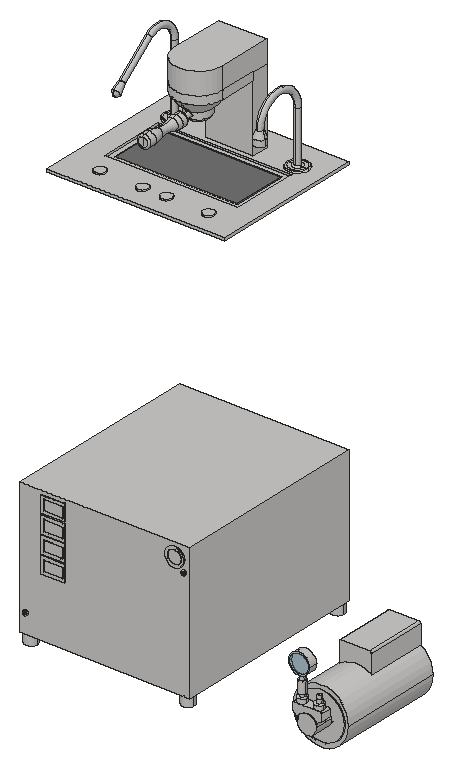
Revit family "QF_MAVAN_SINGLE GROUP", category Specialty Equipment, Revit 2016
Family settings
  Part Type = Normal
  Round Connector Dimension = Use Diameter
  Work Plane-Based = No
  Always vertical = Yes
  Cut with Voids When Loaded = No
  Shared = No
  Room Calculation Point = No
Parameters
  Weight in Pounds = 0
  Watts = if(Phase = 3, Volts * FL Amps * 1.73, Volts * FL Amps)  # 4800 W
  Waste Water Discharge Temperature = 0 °F
  Volts = 240 V
  URL Cutsheet = ""
  Specification by User = ""
  Specification by Manufacturer = ""
  Serial Number = ""
  Seismic Rating = ""
  SMACNA No = ""
  Revision Code = ""
  Plumbing Remarks = ""
  Plumbing Connection Type = ""
  Phase = 1
  Number of Poles = 1
  NAFEM Spec ID Number = ""
  Model = "SINGLE GROUP"
  Min Ckt Ampacity = 0 A
  Max Overcurrent Protection = 0 A
  Masterspec = ""
  Manufacturer = "MAVAM"
  Length = 16"
  Item Number = ""
  Installed By = ""
  Indirect Waste Size = 3/4"
  Indirect Waste Flow = 0 GPM
  Indirect Waste Connection Type = ""
  Indirect Waste Connection Height = 0"
  Identify Quantity as Lot = yes
  Height = 9"
  HP = ""
  Furnished By = ""
  Foodservice Equipment Identifier = yes
  FL Amps = 20 A
  Electrical Remarks = ""
  Electric Connection Type = ""
  Elec Conn RI Height = 0"
  Elec Conn Connection Height = 0"
  Depth = 14"
  Cycle = 60 Hz
  Conn Plug = ""
  Conn Conduit = yes
  Cold Water Temperature Recommended = 0 °F
  Cold Water Size = 1/2"
  Cold Water RI Height = 0"
  Cold Water Minimum Pressure = 0.00 psi
  Cold Water Maximum Pressure = 0.00 psi
  Cold Water Flow = 0 GPM
  Cold Water Consumption = ""
  Cold Water Connection Height = 0"
  CSI MasterFormat = ""
  Apparent Power = if(Phase = 3, Volts * FL Amps * 1.73, Volts * FL Amps)  # 4800 VA
Reference planes (in)
  plane 1 "BACK": y = 0
  plane 2: z = 0
  plane 3 "LEFT": x = 0
  plane 4 "RIGHT": x = 16
  plane 5 "FRONT": y = -14
  plane 6 "TOP": z = 9
  plane 7 "Center Y": x = 8
  plane 8 "Center X": y = -7
  plane 9: z = 0.12567
  plane 10: z = -36
Forms (in)
  Extrusion 1, solid, material "QF_Metal - Stainless - Polished"
    sketch origin (0, 0, 0) x (1, 0, 0) y (0, 1, 0)
      loop
        line (0, 0) -> (0, -14) -> (16, -14) -> (16, 0) -> (0, 0)
      loop
        line (2, -4) -> (2, -10) -> (14, -10) -> (14, -4) -> (2, -4)
    from 0 to 0.25135
  Extrusion 2, solid, material "QF_Metal - Stainless - Polished"
    sketch origin (0, 0, 0) x (0, 1, 0) y (1, 0, 0)
      loop
        line (-4, 2) -> (-4, 14) -> (-10, 14) -> (-10, 2) -> (-4, 2)
      loop
        line (-4.5, 13.5) -> (-9.5, 13.5) -> (-9.5, 2.5) -> (-4.5, 2.5) -> (-4.5, 13.5)
    from 0 to -0.12567
  Extrusion 3, solid, material "QF_Metal - Stainless - Polished"
    sketch origin (0, 0, 0) x (1, 0, 0) y (0, 1, 0)
      loop
        line (5.85531, -2) -> (5.85531, -6.94694)
        arc (5.85531, -6.94694) -> (8, -9.09163) -> (10.14469, -6.94694) r 2.14469
        line (10.14469, -6.94694) -> (10.14469, -2) -> (5.85531, -2)
    from 7.02899 to 9
  Extrusion 4, solid, material "QF_Metal - Stainless - Polished"
    sketch origin (0, 0, 0) x (1, 0, 0) y (0, 1, 0)
      loop
        line (5.85531, -2) -> (5.85531, -3.5) -> (10.14469, -3.5) -> (10.14469, -2) -> (5.85531, -2)
    from 7.02899 to 0.25135
  Revolve 5, solid, material "QF_Metal - Stainless - Polished"
    sketch origin (8, 0, 0) x (0, 1, 0) y (0, 0, 1)
      loop
        line (-7, 6.27899) -> (-9.09163, 6.27899)
        arc (-9.09163, 6.27899) -> (-8.64586, 5.66447) -> (-8.09936, 5.13751) r 4.31841
        line (-8.09936, 5.13751) -> (-8.09936, 4.5346) -> (-7.84375, 4.27899) -> (-7, 4.27899) -> (-7, 6.27899)
      axis (-7, 4.27899) -> (-7, 6.27899)
    angle from 0 to 360
  Extrusion 6, solid, material "QF_Metal - Stainless - Polished"
    sketch origin (0, 0, 0) x (1, 0, 0) y (0, 1, 0)
      loop
        arc (5.85531, -6.94694) -> (8, -9.09163) -> (10.14469, -6.94694) r 2.14469
        line (10.14469, -6.94694) -> (10.14469, -3.5) -> (5.85531, -3.5) -> (5.85531, -6.94694)
    from 7.02899 to 6.27899
  Revolve 7, solid, material "QF_Metal - Stainless - Polished"
    sketch origin (8, 0, 0) x (0, 1, 0) y (0, 0, 1)
      loop
        line (-7.90149, 5.07611) -> (-8.84936, 5.07611) -> (-8.84936, 5.30772)
        arc (-8.84936, 5.30772) -> (-8.8755, 5.37085) -> (-8.93862, 5.39699) r 0.08927
        line (-8.93862, 5.39699) -> (-9.4544, 5.39699)
        arc (-9.4544, 5.39699) -> (-9.69042, 5.3759) -> (-9.91897, 5.31329) r 1.33104
        arc (-9.91897, 5.31329) -> (-10.74658, 5.15179) -> (-11.58214, 5.26521) r 2.58527
        arc (-11.58214, 5.26521) -> (-12.01507, 5.36386) -> (-12.45786, 5.39699) r 2.97553
        line (-12.45786, 5.39699) -> (-13.06483, 5.39699)
        arc (-13.06483, 5.39699) -> (-13.15455, 5.35983) -> (-13.19172, 5.2701) r 0.12689
        line (-13.19172, 5.2701) -> (-13.19172, 4.83605) -> (-7.90149, 4.83605) -> (-7.90149, 5.07611)
      axis (-13.19172, 4.83605) -> (-7.90149, 4.83605)
    angle from 0 to 360
  Extrusion 8, solid, material "QF_Rubber - Black - Smooth"
    sketch origin (0, 0, 0.12567) x (0, 1, 0) y (-1, 0, 0)
      loop
        line (-4.5, -2.5) -> (-9.5, -2.5) -> (-9.5, -13.5) -> (-4.5, -13.5) -> (-4.5, -2.5)
    from 0 to -0.12567
  Sweep 9, solid, material "QF_Metal - Stainless - Polished"
    path origin (13.5625, 0, 0) x (0, 1, 0) y (0, 0, -1)
      loop
        line (-2.75, 0.12438) -> (-2.75, -5.12562)
        arc (-2.75, -5.12562) -> (-4.875, -7.25062) -> (-7, -5.12562) r 2.125
    profile origin (13.5625, -2.75, 2.50062) x (0, 1, 0) y (-1, 0, 0)
      loop
        circle (0, 0) r 0.25
  Revolve 10, solid, material "QF_Metal - Stainless - Polished"
    sketch origin (-10.88143, -7, 47.9375) x (-1, 0, 0) y (0, 0, 1)
      loop
        line (-24.44393, -43.99254) -> (-23.92904, -43.99254) -> (-23.92904, -43.46169) -> (-24.1965, -42.81188) -> (-24.44393, -42.81188) -> (-24.44393, -43.99254)
      axis (-24.44393, -43.99254) -> (-24.44393, -42.81188)
    angle from 0 to 360
  Revolve 11, solid, material "QF_Metal - Stainless - Polished"
    sketch origin (0, -2.75, 0.25135) x (0, 0, 1) y (1, 0, 0)
      loop
        line (0, 13.5625) -> (0, 12.59083) -> (0.07851, 12.66934)
        arc (0.07851, 12.66934) -> (0.1051, 12.70913) -> (0.11444, 12.75607) r 0.12265
        line (0.11444, 12.75607) -> (0.11444, 13.12999) -> (0.18533, 13.25279) -> (0.18533, 13.5625) -> (0, 13.5625)
      axis (0, 13.5625) -> (0.18533, 13.5625)
    angle from 0 to 360
  Sweep 12, solid, material "QF_Metal - Stainless - Polished"
    path origin (2.4375, 0, 0) x (0, 1, 0) y (0, 0, 1)
      loop
        line (-2.75, -0.12438) -> (-2.75, 6.69782)
        arc (-2.75, 6.69782) -> (-3.73285, 8.27071) -> (-5.57741, 8.07684) r 1.75
        line (-5.57741, 8.07684) -> (-8.61805, 5.70123)
    profile origin (2.4375, -2.75, 3.28672) x (0, -1, 0) y (1, 0, 0)
      loop
        circle (0, 0) r 0.25
  Revolve 13, solid, material "QF_Metal - Stainless - Polished"
    sketch origin (16, -2.75, 0.25135) x (0, 0, 1) y (1, 0, 0)
      loop
        line (0, -13.5625) -> (0.18533, -13.5625) -> (0.18533, -13.25279) -> (0.11444, -13.12999) -> (0.11444, -12.75607)
        arc (0.11444, -12.75607) -> (0.1051, -12.70913) -> (0.07851, -12.66934) r 0.12265
        line (0.07851, -12.66934) -> (0, -12.59083) -> (0, -13.5625)
      axis (0, -13.5625) -> (0.18533, -13.5625)
    angle from 0 to 360
  Revolve 14, solid, material "QF_Metal - Stainless - Polished"
    sketch origin (2.4375, -180, 5.89823) x (0, 0, 1) y (0, -1, 0)
      loop
        line (-0.90922, -170.47036) -> (-1.00327, -170.58244) -> (-1.03245, -170.9405) -> (-0.39401, -171.53586) -> (-0.197, -171.38195) -> (-0.90922, -170.47036)
      axis (-0.197, -171.38195) -> (-0.90922, -170.47036)
    angle from 0 to 360
  Extrusion 15, solid, material "QF_Metal - Stainless - Polished"
    sketch origin (0, 0, 0.25135) x (1, 0, 0) y (0, 1, 0)
      loop
        circle (3.10599, -11.95223) r 0.5
      loop
        circle (6.96283, -11.95223) r 0.5
      loop
        circle (9.09967, -11.95223) r 0.5
      loop
        circle (12.89401, -11.95223) r 0.5
    from 0 to 0.0625
  Extrusion 16, solid, material "QF_Metal - Stainless - Polished"
    sketch origin (0, 0, 0) x (1, 0, 0) y (0, 1, 0)
      loop
        circle (8, -7) r 0.25
    from 0 to -0.03558
Cuts and joins
  joined: Extrusion 1, Sweep 9, Sweep 12
Lines and regions (in)
  Split face 1
    outline origin (0, 0, 0.25135) x (1, 0, 0) y (0, 1, 0)
      loop
        line (4.34801, -11.60618) -> (4.34801, -12.26243) -> (5.69102, -12.26243) -> (5.69102, -11.60618) -> (4.34801, -11.60618)
  symbolic lines
    curve 1: line (0, 0, 0) -> (16, 0, 0)
    curve 2: line (0, -14, 0) -> (0, 0, 0)
    curve 3: line (16, -14, 0) -> (0, -14, 0)
    curve 4: line (16, 0, 0) -> (16, -14, 0)
    curve 5: line (5.85531, -2, 0) -> (5.85531, -6.94694, 0)
    curve 6: arc (5.85531, -6.94694, 0) -> (8, -9.09163, 0) -> (10.14469, -6.94694, 0) r 2.14469
    curve 7: line (10.14469, -6.94694, 0) -> (10.14469, -2, 0)
    curve 8: line (10.14469, -2, 0) -> (5.85531, -2, 0)
    curve 9: line (2, -10, 0) -> (2, -4, 0)
    curve 10: line (14, -10, 0) -> (8.45236, -10, 0)
    curve 11: line (14, -4, 0) -> (14, -6.72251, 0)
    curve 12: line (2, -4, 0) -> (2.19072, -4, 0)
    curve 13: circle (3.10599, -11.95223, 0) r 0.5 normal (0, 0, 1)
    curve 14: circle (6.96283, -11.95223, 0) r 0.5 normal (0, 0, 1)
    curve 15: circle (9.09967, -11.95223, 0) r 0.5 normal (0, 0, 1)
    curve 16: circle (12.89401, -11.95223, 0) r 0.5 normal (0, 0, 1)
    curve 17: line (5.69102, -11.60618, 0) -> (4.34801, -11.60618, 0)
    curve 18: line (4.34801, -11.60618, 0) -> (4.34801, -12.26243, 0)
    curve 19: line (4.34801, -12.26243, 0) -> (5.69102, -12.26243, 0)
    curve 20: line (5.69102, -12.26243, 0) -> (5.69102, -11.60618, 0)
    curve 21: line (7.44257, -9.01792, 0) -> (7.44257, -9.59051, 0)
    curve 22: line (7.43297, -13.06181, 0) -> (7.43297, -12.32819, 0)
    curve 23: arc (7.64046, -11.30101, 0) -> (7.51412, -11.81004, 0) -> (7.43297, -12.32819, 0) r 5.96485
    curve 24: arc (7.52348, -9.92922, 0) -> (7.5358, -9.96452, 0) -> (7.54764, -10, 0) r 2.70145
    curve 25: arc (7.52348, -9.92922, 0) -> (7.47385, -9.76205, 0) -> (7.44257, -9.59051, 0) r 1.6117
    curve 26: arc (7.54764, -10, 0) -> (7.67375, -10.64482, 0) -> (7.64046, -11.30101, 0) r 2.70145
    curve 27: line (7.54764, -10, 0) -> (2, -10, 0)
    curve 28: line (8.42745, -13.19022, 0) -> (7.56138, -13.19022, 0)
    curve 29: arc (7.56138, -13.19022, 0) -> (7.47058, -13.15261, 0) -> (7.43297, -13.06181, 0) r 0.12841
    curve 30: line (8.55743, -9.01792, 0) -> (8.55743, -9.59051, 0)
    curve 31: line (8.56703, -13.06181, 0) -> (8.56703, -12.32819, 0)
    curve 32: arc (8.35954, -11.30101, 0) -> (8.48588, -11.81004, 0) -> (8.56703, -12.32819, 0) r 5.96485
    curve 33: arc (8.47652, -9.92922, 0) -> (8.4642, -9.96452, 0) -> (8.45236, -10, 0) r 2.70145
    curve 34: arc (8.47652, -9.92922, 0) -> (8.52615, -9.76205, 0) -> (8.55743, -9.59051, 0) r 1.6117
    curve 35: arc (8.45236, -10, 0) -> (8.32625, -10.64482, 0) -> (8.35954, -11.30101, 0) r 2.70145
    curve 36: arc (8.43862, -13.19022, 0) -> (8.52942, -13.15261, 0) -> (8.56703, -13.06181, 0) r 0.12841
    curve 37: arc (13.31813, -6.54889, 0) -> (13.57062, -7.51485, 0) -> (13.80687, -6.54478, 0) r 0.51487
    curve 38: line (13.31813, -2.76001, 0) -> (13.31813, -7.00429, 0)
    curve 39: line (13.80687, -2.76001, 0) -> (13.80687, -7.00429, 0)
    curve 40: arc (13.80687, -3.68781, 0) -> (13.57364, -1.79489, 0) -> (13.31813, -3.68494, 0) r 0.96154
    curve 41: line (13.80687, -4, 0) -> (14, -4, 0)
    curve 42: arc (13.31813, -7.00429, 0) -> (13.5625, -7.24866, 0) -> (13.80687, -7.00429, 0) r 0.24437
    curve 43: arc (13.31813, -2.94028, 0) -> (13.5625, -2.44029, 0) -> (13.80687, -2.94028, 0) r 0.30971
    curve 44: arc (13.31813, -3.10187, 0) -> (13.5625, -2.31749, 0) -> (13.80687, -3.10187, 0) r 0.43026
    curve 45: line (14, -7.27749, 0) -> (14, -10, 0)
    curve 46: line (2.19072, -2.74981, 0) -> (2.19072, -4, 0)
    curve 47: line (2.04681, -9.29276, 0) -> (2.19072, -8.62821, 0)
    curve 48: arc (2.19373, -9.48168, 0) -> (2.0937, -9.40788, 0) -> (2.04681, -9.29276, 0) r 0.22953
    curve 49: arc (2.19373, -9.48168, 0) -> (2.43845, -9.53548, 0) -> (2.68303, -9.48101, 0) r 0.57984
    curve 50: line (2.82819, -9.29276, 0) -> (2.68428, -8.62821, 0)
    curve 51: arc (2.68303, -9.48101, 0) -> (2.78187, -9.40714, 0) -> (2.82819, -9.29276, 0) r 0.22953
    curve 52: line (2.68428, -2.74981, 0) -> (2.68428, -4, 0)
    curve 53: line (5.85531, -4.5, 0) -> (2.68428, -4.5, 0)
    curve 54: line (13.31813, -4.5, 0) -> (10.14469, -4.5, 0)
    curve 55: line (13.5, -9.5, 0) -> (8.55743, -9.5, 0)
    curve 56: line (13.5, -9.5, 0) -> (13.5, -7.51059, 0)
    curve 57: line (7.44257, -9.5, 0) -> (2.63738, -9.5, 0)
    curve 58: arc (3.40917, -2.75, 0) -> (2.4375, -1.77833, 0) -> (1.46583, -2.75, 0) r 0.97167
    curve 59: arc (1.46583, -2.75, 0) -> (1.6681, -3.34345, 0) -> (2.19072, -3.68981, 0) r 0.97167
    curve 60: arc (2.19072, -2.93714, 0) -> (2.4375, -2.44029, 0) -> (2.68428, -2.93714, 0) r 0.30971
    curve 61: arc (2.19072, -3.09913, 0) -> (2.4375, -2.31749, 0) -> (2.68428, -3.09913, 0) r 0.42978
    curve 62: arc (2.68428, -3.68981, 0) -> (3.2069, -3.34345, 0) -> (3.40917, -2.75, 0) r 0.97167
    curve 63: line (10.14469, -4, 0) -> (13.31813, -4, 0)
    curve 64: line (2.19072, -4, 0) -> (2.19072, -8.62821, 0)
    curve 65: line (2.68428, -4, 0) -> (2.68428, -8.62821, 0)
    curve 66: line (2.68428, -4, 0) -> (5.85531, -4, 0)
Dimensions and locks (in)
  equal spacing: plane 3 "LEFT", plane 7 "Center Y", plane 4 "RIGHT"
  "Length": plane 3 "LEFT" to plane 4 "RIGHT"
  equal spacing: plane 5 "FRONT", plane 8 "Center X", plane 1 "BACK"
  "Depth": plane 5 "FRONT" to plane 1 "BACK"
  "Height": plane 6 "TOP" to level
  locked: level to plane 10 at 36
  aligned and locked: plane 2 to level
  aligned and locked: plane 10 to nested 1
Automatic sketch dimensions
  Extrusion 1 sketch curve to plane 3 "LEFT" = 0"
  plane 1 "BACK" to Extrusion 1 sketch curve = 0"
  Extrusion 1 sketch curve to plane 4 "RIGHT" = 0"
  plane 5 "FRONT" to Extrusion 1 sketch curve = 0"
  plane 3 "LEFT" to Extrusion 1 sketch curve = 2"
  plane 4 "RIGHT" to Extrusion 1 sketch curve = 2"
  Extrusion 1 sketch curve to plane 8 "Center X" = 3"
  plane 8 "Center X" to Extrusion 1 sketch curve = 3"
  Extrusion 2 sketch curve to Extrusion 1 = 0"  (x4)
  Extrusion 2 sketch curve to Extrusion 1 = 1/2"  (x4)
  Extrusion 3 sketch curve to plane 7 "Center Y" = 0"
  plane 8 "Center X" to Extrusion 3 sketch curve = 0.05306"
  plane 1 "BACK" to Extrusion 3 sketch curve = 2"
  plane 1 "BACK" to Extrusion 4 sketch curve = 3 1/2"
  Extrusion 4 sketch curve to Extrusion 4 sketch curve = 1 1/2"
  Revolve 5 sketch curve to plane 8 "Center X" = 0"  (x2)
  Revolve 5 sketch curve to plane 8 "Center X" = 27/32"
  Revolve 5 sketch curve to Revolve 5 sketch curve = 0.25561"  (x2)
  Revolve 5 sketch curve to Revolve 5 sketch curve = 0.99227"
  Revolve 5 sketch curve to plane 6 "TOP" = 0.5024"
  plane 8 "Center X" to Revolve 5 sketch curve = 1 157/256"
  Revolve 5 sketch curve to Revolve 5 sketch curve = 0.60291"
  Revolve 5 sketch curve to Revolve 5 sketch curve = 0"
  Extrusion 6 sketch curve to plane 7 "Center Y" = 0"
  plane 8 "Center X" to Extrusion 6 sketch curve = 0.05306"
  Extrusion 6 sketch curve to Extrusion 6 sketch curve = 3.44694"
  Revolve 7 sketch curve to plane 5 "FRONT" = 0.80828"
  Revolve 7 sketch curve to Revolve 7 sketch curve = 0.12689"
  Revolve 7 sketch curve to plane 5 "FRONT" = 1.54214"
  Revolve 7 sketch curve to Revolve 7 sketch curve = 1.63658"
  Revolve 7 sketch curve to plane 8 "Center X" = 2.4544"
  Revolve 7 sketch curve to Revolve 7 sketch curve = 0.51578"
  Revolve 7 sketch curve to Revolve 7 sketch curve = 0.08927"
  Revolve 7 sketch curve to plane 8 "Center X" = 0.90149"
  Revolve 7 sketch curve to Revolve 7 sketch curve = 0.23161"
  Revolve 7 sketch curve to Revolve 7 sketch curve = 0.24006"
  Revolve 7 sketch curve to Revolve 7 sketch curve = 1.01016"
  plane 9 to Revolve 7 sketch curve = 2.29578"
  Revolve 7 sketch curve to Revolve 7 sketch curve = 0"  (x2)
  Revolve 7 sketch curve to Revolve 7 sketch curve = 0.19787"
  Revolve 7 sketch curve to Revolve 7 sketch curve = 0.38378"
  Extrusion 8 sketch curve to Extrusion 2 = 0"  (x3)
  Extrusion 2 to Extrusion 8 sketch curve = 0"
  profile plane to Sweep 9 sketch curve = 0"
  Sweep 9 sketch curve to profile plane = 0"
  plane 9 to Revolve 11 sketch curve = 0.11747"
  plane 9 to Revolve 11 sketch curve = 0.12567"
  Revolve 11 sketch curve to Revolve 11 sketch curve = 0.07851"  (x2)
  plane 9 to Revolve 11 sketch curve = 0.24011"
  Revolve 11 sketch curve to Revolve 11 sketch curve = 0.0709"  (x2)
  Revolve 11 sketch curve to Revolve 11 sketch curve = 0.37392"
  Revolve 11 sketch curve to Revolve 11 sketch curve = 0.1228"
  Revolve 11 sketch curve to Revolve 11 sketch curve = 0.30971"
  Revolve 11 sketch curve to Revolve 11 sketch curve = 0.14354"
  Revolve 11 sketch curve to Revolve 11 sketch curve = 0"
  Sweep 12 sketch curve to profile plane = 0"  (x2)
  plane 9 to Revolve 13 sketch curve = 0.11747"
  plane 9 to Revolve 13 sketch curve = 0.12567"
  Revolve 13 sketch curve to Revolve 13 sketch curve = 0.07851"  (x2)
  plane 9 to Revolve 13 sketch curve = 0.24011"
  Revolve 13 sketch curve to Revolve 13 sketch curve = 0.0709"  (x2)
  plane 3 "LEFT" to Revolve 13 sketch curve = 2 7/16"
  Revolve 13 sketch curve to Revolve 13 sketch curve = 0.30971"
  Revolve 13 sketch curve to Revolve 13 sketch curve = 0.1228"
  Revolve 13 sketch curve to Revolve 13 sketch curve = 0.37392"
  Revolve 13 sketch curve to Revolve 13 sketch curve = 0.14354"
  Revolve 13 sketch curve to Revolve 13 sketch curve = 0"
  plane 4 "RIGHT" to Revolve 10 sketch curve = 2 7/16"
  Revolve 10 sketch curve to Revolve 10 sketch curve = 0.51489"
  Revolve 10 sketch curve to Revolve 10 sketch curve = 0.53084"
  Revolve 10 sketch curve to Revolve 10 sketch curve = 0.64981"
  Revolve 10 sketch curve to Revolve 10 sketch curve = 0"  (x2)
  Revolve 10 sketch curve to Revolve 10 sketch curve = 0.24743"
  Revolve 10 sketch curve to Revolve 10 sketch curve = 0.42581"
  plane 9 to Revolve 14 sketch curve = 4.76929"
  Revolve 14 sketch curve to Revolve 14 sketch curve = 0.09405"
  Revolve 14 sketch curve to plane 8 "Center X" = 1.46414"
  Revolve 14 sketch curve to Revolve 14 sketch curve = 0.60926"
  Revolve 14 sketch curve to plane 8 "Center X" = 1.61805"  (x2)
  Revolve 14 sketch curve to Revolve 14 sketch curve = 0.197"
  Revolve 14 sketch curve to Revolve 14 sketch curve = 0.11209"
  Revolve 14 sketch curve to Revolve 14 sketch curve = 0.02919"
  Revolve 14 sketch curve to Revolve 14 sketch curve = 0.23926"
  Revolve 14 sketch curve to Revolve 14 sketch curve = 0"
  Revolve 14 sketch curve to Revolve 14 sketch curve = 0.30624"
  Revolve 14 sketch curve to Revolve 14 sketch curve = 0.35806"
  plane 7 "Center Y" to Extrusion 4 sketch curve = 2.14469"
  plane 4 "RIGHT" to Revolve 11 sketch curve = 3.40917"
  Extrusion 3 sketch curve to plane 7 "Center Y" = 2.14469"
  Extrusion 4 sketch curve to plane 7 "Center Y" = 2.14469"
  Extrusion 6 sketch curve to plane 7 "Center Y" = 2.14469"
  Extrusion 1 to Extrusion 15 sketch curve = 1.10599"  (x2)
  Extrusion 15 sketch curve to Extrusion 15 sketch curve = 3.85684"
  Extrusion 15 sketch curve to Extrusion 15 sketch curve = 2.13684"
  Extrusion 15 sketch curve to Extrusion 1 = 1.95223"  (x4)
  Extrusion 1 to Split face 1 sketch curve = 2.34801"
  Split face 1 sketch curve to Split face 1 sketch curve = 1.34301"
  Split face 1 sketch curve to Extrusion 1 = 1.73757"
  Split face 1 sketch curve to Split face 1 sketch curve = 21/32"
  curve 24 to curve 26 = 0"  (x2)
  curve 33 to curve 35 = 0"  (x2)
  curve 58 to curve 60 = 0"  (x2)
  curve 3 to plane 3 "LEFT" = 0"
  curve 6 to plane 7 "Center Y" = 0"
  curve 37 to plane 8 "Center X" = 0"
  curve 3 to plane 4 "RIGHT" = 0"
  plane 5 "FRONT" to curve 4 = 0"
  plane 1 "BACK" to curve 4 = 0"
  plane 3 "LEFT" to curve 12 = 2"
  curve 9 to curve 47 = 0.04681"
  curve 48 to curve 64 = 0.1439"
  curve 47 to curve 48 = 0.22808"
  curve 46 to curve 59 = 0.24678"
  curve 61 to curve 58 = 0"
  curve 48 to curve 49 = 0.16277"
  curve 48 to curve 51 = 0.32522"
  curve 32 to plane 5 "FRONT" = 1.00893"
  plane 3 "LEFT" to curve 32 = 2.63913"
  curve 49 to curve 65 = 0.24663"
  curve 51 to curve 50 = 0.22808"
  curve 32 to curve 13 = 0.46687"
  curve 13 to curve 18 = 1.24201"
  curve 17 to curve 26 = 0.63114"
  curve 24 to curve 17 = 0.71187"
  plane 8 "Center X" to curve 5 = 0.05306"
  curve 5 to plane 7 "Center Y" = 2.14469"
  curve 34 to plane 7 "Center Y" = 1.04144"
  curve 14 to plane 7 "Center Y" = 1.03717"
  curve 22 to plane 7 "Center Y" = 0.56703"
  curve 34 to curve 21 = 0.48401"
  curve 21 to curve 27 = 0.10507"
  curve 29 to curve 28 = 0.12841"
  plane 7 "Center Y" to curve 36 = 0.43862"
  plane 7 "Center Y" to curve 10 = 0.45236"
  curve 10 to curve 30 = 0.10507"
  plane 7 "Center Y" to curve 31 = 0.56703"
  curve 55 to curve 25 = 0.48401"
  curve 32 to curve 15 = 0.53264"
  curve 15 to curve 35 = 1.92118"
  curve 35 to curve 16 = 1.87315"
  curve 38 to plane 8 "Center X" = 0.00429"
  plane 4 "RIGHT" to curve 38 = 2.68187"
  curve 23 to plane 5 "FRONT" = 1.00893"
  curve 16 to curve 23 = 0.46687"
  plane 4 "RIGHT" to curve 55 = 2 1/2"
  curve 38 to curve 44 = 0.24437"
  curve 42 to curve 42 = 0.24437"
  curve 43 to curve 44 = 0"
  curve 42 to curve 37 = 0.0038"
  curve 43 to curve 40 = 0.00547"
  curve 55 to curve 45 = 1/2"
  curve 41 to curve 41 = 0.19313"
  curve 28 to plane 5 "FRONT" = 0.80978"
  curve 28 to curve 31 = 0.12841"
  curve 22 to curve 22 = 0.73362"
  curve 36 to curve 31 = 0.73362"
  curve 20 to plane 5 "FRONT" = 1.73757"
  curve 32 to curve 13 = 1.03884"
  curve 22 to curve 14 = 0.37596"
  curve 32 to curve 15 = 0.37596"
  curve 23 to curve 16 = 1.03884"
  curve 18 to curve 18 = 21/32"
  curve 16 to curve 35 = 1.11516"
  curve 17 to curve 26 = 0.76911"
  curve 10 to curve 30 = 0.98208"
  curve 13 to curve 9 = 1.95223"
  curve 27 to curve 21 = 0.40949"
  curve 10 to curve 30 = 0.40949"
  curve 10 to curve 56 = 1/2"
  curve 25 to curve 34 = 0.20293"
  curve 55 to curve 25 = 0.11241"
  curve 9 to curve 50 = 0.70724"
  curve 9 to curve 47 = 0.70724"
  curve 51 to curve 51 = 0.02578"
  curve 47 to curve 48 = 0.02578"
  curve 51 to curve 49 = 0.31134"
  curve 49 to curve 64 = 0.32743"
  curve 49 to curve 65 = 0.32743"
  plane 8 "Center X" to curve 12 = 3"
  curve 63 to curve 41 = 0"
  curve 41 to curve 40 = 1.24358"
  curve 9 to curve 59 = 1 1/4"
  curve 40 to curve 43 = 0.00642"
  curve 43 to curve 44 = 0.00225"
  curve 58 to curve 61 = 0.00274"
  plane 1 "BACK" to curve 8 = 2"
  curve 59 to curve 46 = 0.72489"
  curve 49 to curve 48 = 0.08116"
  curve 57 to curve 49 = 0.04565"
  curve 28 to curve 36 = 0.01117"
  curve 56 to curve 42 = 0.50629"
  curve 7 to curve 54 = 2.44694"
  curve 53 to curve 9 = 1/2"
  curve 41 to curve 40 = 0.31219"
  curve 44 to curve 40 = 0.34545"
  curve 61 to curve 60 = 0.34913"
  curve 44 to curve 43 = 0.16159"
  curve 61 to curve 60 = 0.16199"
  curve 43 to curve 39 = 0.18027"
  curve 43 to curve 38 = 0.18027"
  curve 60 to curve 52 = 0.18733"
  curve 60 to curve 46 = 0.18733"
  Sweep 9 sketch curve to plane 8 "Center X" = 0"
  Sweep 9 sketch curve to Sweep 9 sketch curve = 2 1/8"
  Sweep 9 sketch curve to level = 0.12438"
  plane 8 "Center X" to Sweep 12 sketch curve = 1.42259"
  Sweep 12 sketch curve to Sweep 12 sketch curve = 1.07741"
  Sweep 12 sketch curve to Sweep 12 sketch curve = 1 3/4"
  Sweep 12 sketch curve to plane 8 "Center X" = 1.61805"
  Sweep 12 sketch curve to level = 0.12438"
  curve 54 to curve 11 = 1/2"
  curve 58 to curve 62 = 0"
  curve 59 to curve 62 = 0"
  curve 52 to curve 62 = 0.31019"
  Extrusion 16 sketch curve to plane 7 "Center Y" = 0"
  Extrusion 16 sketch curve to plane 8 "Center X" = 0"
  Revolve 5 sketch curve to Revolve 5 sketch curve = 0.64299"
  Revolve 7 sketch curve to Revolve 7 sketch curve = 1.6445"
  Revolve 7 sketch curve to Revolve 7 sketch curve = 0.43405"
  plane 9 to Revolve 10 sketch curve = 3.81929"
  Revolve 5 sketch curve to plane 6 "TOP" = 2.72101"
  Revolve 7 sketch curve to plane 6 "TOP" = 1.26402"
  Sweep 9 sketch curve to plane 6 "TOP" = 3.87438"
  Sweep 12 sketch curve to plane 6 "TOP" = 2.30218"
  Sweep 12 sketch curve to plane 6 "TOP" = 3.29877"
  radius of Sweep 9 sketch curve = 1/4"
  radius of Sweep 12 sketch curve = 1/4"
  radius of Extrusion 15 sketch curve = 1/2"  (x4)
  radius of curve 13 = 1/2"
  radius of curve 14 = 1/2"
  radius of curve 15 = 1/2"
  radius of curve 16 = 1/2"
  radius of Extrusion 16 sketch curve = 1/4"
Nested families (in)
  nested 1: "BOILET UNIT" at (0, 0, -36), type "BOILET UNIT"
  nested 2: "PUMP" at (24.11615, -7, -36), type "PUMP"
Connectors (in)
  piping at (13.5625, -2.75, -0.12438), diameter 0.5, driven by "Cold Water Size"
    settings: on cut or joined group of Extrusion 1, Sweep 9, Sweep 12, index 1, connector inside diameter 24", connector length 0", flow factor 0, pipe flow 0 GPM, pressure drop 0.00 psi, fitting loss kfactor 0, connector angle 0.00°, fixture units 0, engagement length 0", angle of deflection 0.00°, flow configuration 0, flow direction 0, fitting loss method 0, system type 7, joint type 0, gender type 0, connector reference index -1, connector utility 0, adjustable connector no, is connector primary yes, connector description "COLD WATER CONNECTION"
  piping at (2.4375, -2.75, -0.12438), diameter 0.5, driven by "Cold Water Size"
    settings: on cut or joined group of Extrusion 1, Sweep 9, Sweep 12, index 2, connector inside diameter 24", connector length 0", flow factor 0, pipe flow 0 GPM, pressure drop 0.00 psi, fitting loss kfactor 0, connector angle 0.00°, fixture units 0, engagement length 0", angle of deflection 0.00°, flow configuration 1, flow direction 1, fitting loss method 0, system type 20, joint type 0, gender type 0, connector reference index -1, connector utility 0, adjustable connector no, is connector primary no, connector description "COLD WATER CONNECTION"
  piping at (8, -7, -0.03558), diameter 0.75, driven by "Indirect Waste Size"
    settings: on Extrusion 16, index 3, connector inside diameter 24", connector length 0", flow factor 0, pipe flow 0 GPM, pressure drop 0.00 psi, fitting loss kfactor 0, connector angle 0.00°, fixture units 0, engagement length 0", angle of deflection 0.00°, flow configuration 1, flow direction 2, fitting loss method 0, system type 16, joint type 0, gender type 0, connector reference index -1, connector utility 0, adjustable connector no, is connector primary no, connector description "DRAIN"
  electrical at (14.70194, -18.0625, -24.17148)
    settings: on nested 1, index 4, voltage 0 V, apparent load 0 VA, apparent load phase1 0 VA, apparent load phase2 0 VA, apparent load phase3 0 VA, power factor 1, load classification "Other", number of poles 1, system type 31, power factor state 1, is connector primary yes, connector utility no, sub classification motor no, connector description ""
Definition of nested family "BOILET UNIT"
  Parameters (values of type "BOILET UNIT")
    Weight in Pounds = 0
    URL Cutsheet = ""
    Specification by User = ""
    Specification by Manufacturer = ""
    Serial Number = ""
    Seismic Rating = ""
    SMACNA No = ""
    Revision Code = ""
    NAFEM Spec ID Number = ""
    Model = ""
    Masterspec = ""
    Manufacturer = ""
    Length = 16"
    Item Number = ""
    Installed By = ""
    Identify Quantity as Lot = yes
    Height = 13"
    Furnished By = ""
    Foodservice Equipment Identifier = yes
    Depth = 18"
    CSI MasterFormat = ""
  Reference planes (in)
    plane 1 "BACK": y = 0
    plane 2: z = 0
    plane 3 "LEFT": x = 0
    plane 4 "RIGHT": x = 16
    plane 5 "FRONT": y = -18
    plane 6 "TOP": z = 13
    plane 7 "Center Y": x = 8
    plane 8 "Center X": y = -9
  Forms (in)
    Extrusion 1, solid
      sketch origin (0, 0, 0) x (1, 0, 0) y (0, 0, 1)
        loop
          line (0.75, 13) -> (0.75, 0.85069) -> (16, 0.85069) -> (16, 13) -> (0.75, 13)
      from 0 to 18
    Extrusion 2, solid
      sketch origin (0, -18, 0) x (1, 0, 0) y (0, 0, 1)
        loop
          line (2.68282, 12.66748) -> (2.68282, 11.16748) -> (4.81494, 11.16748) -> (4.81494, 12.66748) -> (2.68282, 12.66748)
        loop
          line (2.68282, 11.01988) -> (2.68282, 9.51988) -> (4.81494, 9.51988) -> (4.81494, 11.01988) -> (2.68282, 11.01988)
        loop
          line (2.68282, 9.38895) -> (2.68282, 7.88895) -> (4.81494, 7.88895) -> (4.81494, 9.38895) -> (2.68282, 9.38895)
        loop
          line (2.68282, 7.75803) -> (2.68282, 6.25803) -> (4.81494, 6.25803) -> (4.81494, 7.75803) -> (2.68282, 7.75803)
        loop
          line (2.94856, 12.40515) -> (2.94856, 11.40515) -> (4.60548, 11.40515) -> (4.60548, 12.40515) -> (2.94856, 12.40515)
        loop
          line (2.94856, 10.75755) -> (2.94856, 9.75755) -> (4.60548, 9.75755) -> (4.60548, 10.75755) -> (2.94856, 10.75755)
        loop
          line (2.94856, 9.12662) -> (2.94856, 8.12662) -> (4.60548, 8.12662) -> (4.60548, 9.12662) -> (2.94856, 9.12662)
        loop
          line (2.94856, 7.4957) -> (2.94856, 6.4957) -> (4.60548, 6.4957) -> (4.60548, 7.4957) -> (2.94856, 7.4957)
        loop
          circle (14.70194, 11.82852) r 0.85825
        loop
          circle (14.70194, 11.82852) r 0.62589
        loop
          circle (15.50855, 10.82753) r 0.19307
        loop
          circle (15.50855, 10.82753) r 0.10709
        loop
          circle (1.22987, 2.60368) r 0.20806
        loop
          circle (1.22987, 2.60368) r 0.10925
      from 0 to 0.0625
    Extrusion 3, solid
      sketch origin (0, -18, 0) x (1, 0, 0) y (0, 0, 1)
        loop
          line (2.94856, 12.40515) -> (2.94856, 11.40515) -> (4.60548, 11.40515) -> (4.60548, 12.40515) -> (2.94856, 12.40515)
        loop
          line (2.94856, 10.75755) -> (2.94856, 9.75755) -> (4.60548, 9.75755) -> (4.60548, 10.75755) -> (2.94856, 10.75755)
        loop
          line (2.94856, 9.12662) -> (2.94856, 8.12662) -> (4.60548, 8.12662) -> (4.60548, 9.12662) -> (2.94856, 9.12662)
        loop
          line (2.94856, 7.4957) -> (2.94856, 6.4957) -> (4.60548, 6.4957) -> (4.60548, 7.4957) -> (2.94856, 7.4957)
        loop
          circle (15.50855, 10.82753) r 0.10709
        loop
          circle (14.70194, 11.82852) r 0.62589
        loop
          circle (1.22987, 2.60368) r 0.10925
      from 0 to 0.0625
    Revolve 4, solid
      sketch origin (-10.88143, -9, 48) x (-1, 0, 0) y (0, 0, 1)
        loop
          line (-11.63143, -44.53356) -> (-11.63143, -45.40323) -> (-11.38143, -45.40323) -> (-11.38143, -44.6975)
          arc (-11.38143, -44.6975) -> (-11.42944, -44.58158) -> (-11.54536, -44.53356) r 0.16393
          line (-11.54536, -44.53356) -> (-11.63143, -44.53356)
        axis (-11.38143, -45.40323) -> (-11.63143, -45.40323)
      angle from 0 to 360
    Extrusion 5, solid
      sketch origin (0.75, 0, 0.85069) x (0, 0, 1) y (0, 1, 0)
        loop
          line (2.25, -8.84898) -> (1.22113, -8.84898) -> (1.22113, -9.15102) -> (2.25, -9.15102) -> (2.25, -8.84898)
      from 0.24677 to 0.75
    Revolve 6, solid
      sketch origin (0, -0.55496, 0) x (1, 0, 0) y (0, 0, 1)
        loop
          line (1.30496, 0.85069) -> (0.75, 0.85069) -> (0.75, 0) -> (1.30496, 0) -> (1.30496, 0.85069)
        axis (1.30496, 0) -> (1.30496, 0.85069)
      angle from 0 to 360
    Revolve 7, solid
      sketch origin (16.75, -0.55496, 0) x (-1, 0, 0) y (0, 0, 1)
        loop
          line (1.30496, 0.85069) -> (0.75, 0.85069) -> (0.75, 0) -> (1.30496, 0) -> (1.30496, 0.85069)
        axis (1.30496, 0) -> (1.30496, 0.85069)
      angle from 0 to 360
    Revolve 8, solid
      sketch origin (0, -17.44504, 0) x (1, 0, 0) y (0, 0, -1)
        loop
          line (1.30496, -0.85069) -> (1.30496, 0) -> (0.75, 0) -> (0.75, -0.85069) -> (1.30496, -0.85069)
        axis (1.30496, 0) -> (1.30496, -0.85069)
      angle from 0 to 360
    Revolve 9, solid
      sketch origin (16.75, -17.44504, 0) x (-1, 0, 0) y (0, 0, 1)
        loop
          line (1.30496, 0.85069) -> (0.75, 0.85069) -> (0.75, 0) -> (1.30496, 0) -> (1.30496, 0.85069)
        axis (1.30496, 0) -> (1.30496, 0.85069)
      angle from 0 to 360
    Extrusion 10, solid, detail levels coarse
      sketch origin (0, 0, 0) x (1, 0, 0) y (0, 0, 1)
        loop
          line (26, 23) -> (-10, 23) -> (-10, 0) -> (0, 0) -> (0, 13) -> (16, 13) -> (16, 0) -> (26, 0) -> (26, 23)
      from 0 to 18
  Lines and regions (in)
    symbolic lines
      curve 1: line (0.75, 0, 0) -> (16, 0, 0)
      curve 2: line (0.75, -18, 0) -> (0.75, 0, 0)
      curve 3: line (16, -18, 0) -> (0.75, -18, 0)
      curve 4: line (16, 0, 0) -> (16, -18, 0)
      curve 5: line (0.50323, -8.84898, 0) -> (0, -8.84898, 0)
      curve 6: line (0.50323, -9.7053, 0) -> (0.50323, -8.2947, 0)
      curve 7: line (0, -9.15102, 0) -> (0.50323, -9.15102, 0)
      curve 8: line (0, -8.84898, 0) -> (0, -9.15102, 0)
      curve 9: arc (0.65856, -8.1274, 0) -> (0.54805, -8.18055, 0) -> (0.50323, -8.2947, 0) r 0.16776
      curve 10: line (0.65856, -8.1274, 0) -> (0.75, -8.1274, 0)
      curve 11: arc (0.65856, -9.8726, 0) -> (0.54805, -9.81945, 0) -> (0.50323, -9.7053, 0) r 0.16776
      curve 12: line (0.65856, -9.8726, 0) -> (0.75, -9.8726, 0)
  Dimensions and locks (in)
    equal spacing: plane 3 "LEFT", plane 7 "Center Y", plane 4 "RIGHT"
    "Length": plane 3 "LEFT" to plane 4 "RIGHT"
    equal spacing: plane 5 "FRONT", plane 8 "Center X", plane 1 "BACK"
    "Depth": plane 5 "FRONT" to plane 1 "BACK"
    "Height": plane 6 "TOP" to level
    aligned and locked: plane 2 to level
  Automatic sketch dimensions
    Extrusion 1 sketch curve to plane 6 "TOP" = 0"
    plane 4 "RIGHT" to Extrusion 1 sketch curve = 0"
    plane 3 "LEFT" to Extrusion 1 sketch curve = 3/4"
    level to Extrusion 1 sketch curve = 0.85069"
    Extrusion 2 sketch curve to Extrusion 2 sketch curve = 0"  (x12)
    Extrusion 2 sketch curve to Extrusion 1 = 0.47987"
    Extrusion 2 sketch curve to Extrusion 1 = 1.93282"  (x2)
    Extrusion 2 sketch curve to Extrusion 2 sketch curve = 0.26574"  (x4)
    Extrusion 2 sketch curve to Extrusion 2 sketch curve = 1.65692"  (x2)
    Extrusion 2 sketch curve to Extrusion 2 sketch curve = 0.20947"  (x2)
    Extrusion 2 sketch curve to Extrusion 1 = 1.29806"
    Extrusion 2 sketch curve to Extrusion 1 = 0.49145"
    Extrusion 2 sketch curve to Extrusion 1 = 1.75299"
    Extrusion 2 sketch curve to Extrusion 2 sketch curve = 3.65434"
    Extrusion 2 sketch curve to Extrusion 2 sketch curve = 0.23767"  (x4)
    Extrusion 2 sketch curve to Extrusion 2 sketch curve = 1"  (x3)
    Extrusion 2 sketch curve to Extrusion 2 sketch curve = 0.26233"  (x3)
    Extrusion 2 sketch curve to Extrusion 2 sketch curve = 0.13093"  (x2)
    Extrusion 2 sketch curve to Extrusion 1 = 2.17247"
    Extrusion 2 sketch curve to Extrusion 2 sketch curve = 0.14759"
    Extrusion 2 sketch curve to Extrusion 1 = 1.17148"
    Extrusion 2 sketch curve to Extrusion 1 = 0.59485"
    Extrusion 2 sketch curve to Extrusion 1 = 0.33252"
    Extrusion 3 sketch curve to Extrusion 1 = 0.47987"
    Extrusion 3 sketch curve to Extrusion 1 = 2.19856"  (x2)
    Extrusion 3 sketch curve to Extrusion 3 sketch curve = 0"  (x5)
    Extrusion 3 sketch curve to Extrusion 3 sketch curve = 1.65692"
    Extrusion 3 sketch curve to Extrusion 1 = 1.29806"
    Extrusion 3 sketch curve to Extrusion 1 = 0.49145"
    Extrusion 3 sketch curve to Extrusion 1 = 1.75299"
    Extrusion 3 sketch curve to Extrusion 3 sketch curve = 3.89201"
    Extrusion 3 sketch curve to Extrusion 3 sketch curve = 1"  (x3)
    Extrusion 3 sketch curve to Extrusion 3 sketch curve = 0.63093"  (x2)
    Extrusion 3 sketch curve to Extrusion 1 = 2.17247"
    Extrusion 3 sketch curve to Extrusion 3 sketch curve = 0.64759"
    Extrusion 3 sketch curve to Extrusion 1 = 1.17148"
    Extrusion 3 sketch curve to Extrusion 1 = 0.59485"
    plane 3 "LEFT" to Revolve 4 sketch curve = 3/4"
    Revolve 4 sketch curve to Revolve 4 sketch curve = 0.08607"
    Revolve 4 sketch curve to Revolve 4 sketch curve = 0.16393"
    level to Revolve 4 sketch curve = 2.59677"
    Revolve 4 sketch curve to Revolve 4 sketch curve = 0.70573"
    Revolve 4 sketch curve to Revolve 4 sketch curve = 0"  (x2)
    Revolve 4 sketch curve to Revolve 4 sketch curve = 0.15694"
    Extrusion 5 sketch curve to Extrusion 1 = 1.22113"
    Extrusion 5 sketch curve to Extrusion 5 sketch curve = 1.02887"
    Extrusion 1 to Extrusion 5 sketch curve = 8.84898"
    Extrusion 5 sketch curve to Extrusion 5 sketch curve = 0.30205"
    Revolve 6 sketch curve to level = 0"
    plane 3 "LEFT" to Revolve 6 sketch curve = 3/4"
    Revolve 6 sketch curve to Revolve 6 sketch curve = 0.55496"
    level to Revolve 6 sketch curve = 0.85069"
    Revolve 6 sketch curve to Revolve 6 sketch curve = 0"  (x2)
    Revolve 6 sketch curve to Revolve 6 sketch curve = 1/4"
    plane 4 "RIGHT" to Revolve 7 sketch curve = 0"
    Revolve 7 sketch curve to level = 0"
    Revolve 7 sketch curve to Revolve 7 sketch curve = 0.55496"
    Revolve 7 sketch curve to level = 0.85069"
    Revolve 7 sketch curve to Revolve 7 sketch curve = 0"  (x2)
    Revolve 7 sketch curve to Revolve 7 sketch curve = 1/4"
    Revolve 8 sketch curve to level = 0"
    plane 3 "LEFT" to Revolve 8 sketch curve = 3/4"
    Revolve 8 sketch curve to Revolve 8 sketch curve = 0.55496"
    level to Revolve 8 sketch curve = 0.85069"
    Revolve 8 sketch curve to Revolve 8 sketch curve = 0"  (x2)
    Revolve 8 sketch curve to Revolve 8 sketch curve = 1/4"
    plane 4 "RIGHT" to Revolve 9 sketch curve = 0"
    Revolve 9 sketch curve to level = 0"
    Revolve 9 sketch curve to Revolve 9 sketch curve = 0.55496"
    level to Revolve 9 sketch curve = 0.85069"
    Revolve 9 sketch curve to Revolve 9 sketch curve = 0"  (x2)
    Revolve 9 sketch curve to Revolve 9 sketch curve = 1/4"
    Extrusion 10 sketch curve to level = 0"  (x2)
    Extrusion 10 sketch curve to plane 3 "LEFT" = 0"
    plane 4 "RIGHT" to Extrusion 10 sketch curve = 0"
    Extrusion 10 sketch curve to plane 6 "TOP" = 0"
    Extrusion 10 sketch curve to plane 4 "RIGHT" = 10"
    plane 6 "TOP" to Extrusion 10 sketch curve = 10"
    Extrusion 10 sketch curve to plane 3 "LEFT" = 10"
    curve 8 to plane 3 "LEFT" = 0"
    plane 5 "FRONT" to curve 3 = 0"
    plane 1 "BACK" to curve 2 = 0"
    curve 4 to plane 4 "RIGHT" = 0"
    plane 3 "LEFT" to curve 6 = 0.50323"
    curve 6 to curve 12 = 0.15533"
    curve 9 to curve 10 = 0.15533"
    curve 6 to curve 11 = 0.16776"
    curve 9 to curve 9 = 0.01243"
    plane 3 "LEFT" to curve 3 = 3/4"
    curve 12 to plane 8 "Center X" = 0.8726"
    curve 7 to plane 8 "Center X" = 0.15102"
    plane 8 "Center X" to curve 8 = 0.15102"
    curve 5 to curve 9 = 0.55428"
    radius of Extrusion 2 sketch curve = 0.85825"
    radius of Extrusion 2 sketch curve = 0.62589"
    radius of Extrusion 2 sketch curve = 0.19307"
    radius of Extrusion 2 sketch curve = 0.10709"
    radius of Extrusion 2 sketch curve = 0.20806"
    radius of Extrusion 2 sketch curve = 0.10925"
    radius of Extrusion 3 sketch curve = 0.10709"
    radius of Extrusion 3 sketch curve = 0.62589"
    radius of Extrusion 3 sketch curve = 0.10925"
Definition of nested family "PUMP"
  Parameters (values of type "PUMP")
    Weight in Pounds = 0
    URL Cutsheet = ""
    Specification by User = ""
    Specification by Manufacturer = ""
    Serial Number = ""
    Seismic Rating = ""
    SMACNA No = ""
    Revision Code = ""
    NAFEM Spec ID Number = ""
    Model = ""
    Masterspec = ""
    Manufacturer = ""
    Length = 5"
    Item Number = ""
    Installed By = ""
    Identify Quantity as Lot = yes
    Height = 8"
    Furnished By = ""
    Foodservice Equipment Identifier = yes
    Depth = 11"
    CSI MasterFormat = ""
  Reference planes (in)
    plane 1 "BACK": y = 0
    plane 2: z = 0
    plane 3 "LEFT": x = 0
    plane 4 "RIGHT": x = 5
    plane 5 "FRONT": y = -11
    plane 6 "TOP": z = 8
    plane 7 "Center Y": x = 2.5
    plane 8 "Center X": y = -5.5
  Forms (in)
    Extrusion 1, solid
      sketch origin (0, 0, 0) x (1, 0, 0) y (0, 0, 1)
        loop
          circle (2.5, 2.5109) r 2.5
        loop
          circle (2.5, 2.5109) r 2.1432
      from 0 to 9.44451
    Extrusion 2, solid
      sketch origin (0, 0, 0) x (1, 0, 0) y (0, 0, 1)
        loop
          line (3.73919, 6.43135) -> (1.16584, 6.43135)
          arc (1.16584, 6.43135) -> (1.04983, 6.3833) -> (1.00178, 6.26729) r 0.16406
          line (1.00178, 6.26729) -> (1.00178, 4.51224)
          arc (1.00178, 4.51224) -> (2.44234, 5.01024) -> (3.90434, 4.5792) r 2.5
          line (3.90434, 4.5792) -> (3.90434, 6.26621)
          arc (3.90434, 6.26621) -> (3.85596, 6.38298) -> (3.73919, 6.43135) r 0.16515
      from 0 to 5.5
    Extrusion 3, solid
      sketch origin (0, 0, 0) x (1, 0, 0) y (0, 0, 1)
        loop
          circle (2.5, 2.5109) r 2.1432
        loop
          circle (2.5, 2.5109) r 0.88275
      from 0 to 9.44451
    Extrusion 4, solid
      sketch origin (0, 0, 0) x (1, 0, 0) y (0, 0, 1)
        loop
          circle (2.5, 2.5109) r 0.88275
      from 0 to 11
    Extrusion 5, solid
      sketch origin (0, -0.81566, 0.07287) x (1, 0, 0) y (0, 0, 1)
        loop
          circle (1.72869, 6.98513) r 0.942
        loop
          circle (1.72869, 6.98513) r 0.85601
      from 9.35746 to 10.0793
    Extrusion 6, solid
      sketch origin (0, -0.81566, 0.07287) x (1, 0, 0) y (0, 0, 1)
        loop
          circle (1.72869, 6.98513) r 0.85601
      from 9.35746 to 9.94812
    Revolve 7, solid
      sketch origin (0, -10.56566, 0.07287) x (1, 0, 0) y (0, 0, 1)
        loop
          line (1.72765, 6.05635) -> (1.57146, 6.05635) -> (1.57146, 5.86663) -> (1.52143, 5.86663) -> (1.52143, 5.58776) -> (1.42638, 5.58776) -> (1.42638, 4.54544) -> (1.52143, 4.54544) -> (1.52143, 4.27374) -> (1.42309, 4.27374)
          arc (1.42309, 4.27374) -> (1.36304, 4.24887) -> (1.33817, 4.18882) r 0.08492
          line (1.33817, 4.18882) -> (1.33817, 3.8274) -> (1.72765, 3.8274) -> (1.72765, 6.05635)
        axis (1.72765, 3.8274) -> (1.72765, 6.05635)
      angle from 0 to 360
    Extrusion 8, solid
      sketch origin (0, -0.81566, 0) x (1, 0, 0) y (0, 0, 1)
        loop
          arc (1.32808, 3.90027) -> (1.2251, 3.85761) -> (1.18244, 3.75462) r 0.14565
          line (1.18244, 3.75462) -> (1.18244, 3.16736)
          arc (1.18244, 3.16736) -> (1.49869, 2.9046) -> (1.61725, 2.5109) r 0.71294
          arc (1.61725, 2.5109) -> (2.5, 3.39365) -> (3.38275, 2.5109) r 0.88275
          arc (3.38275, 2.5109) -> (3.50131, 2.9046) -> (3.81756, 3.16736) r 0.71294
          line (3.81756, 3.16736) -> (3.81756, 3.75462)
          arc (3.81756, 3.75462) -> (3.7749, 3.85761) -> (3.67192, 3.90027) r 0.14565
          line (3.67192, 3.90027) -> (1.32808, 3.90027)
      from 9.32217 to 10.18434
    Revolve 9, solid
      sketch origin (5, -10.56566, 0.07287) x (-1, 0, 0) y (0, 0, -1)
        loop
          line (1.72765, -4.86591) -> (1.72765, -3.8274) -> (1.33817, -3.8274) -> (1.33817, -4.18978)
          arc (1.33817, -4.18978) -> (1.36276, -4.24915) -> (1.42214, -4.27374) r 0.08397
          line (1.42214, -4.27374) -> (1.52143, -4.27374) -> (1.52143, -4.56983) -> (1.56835, -4.56983) -> (1.56835, -4.86591) -> (1.72765, -4.86591)
        axis (1.72765, -3.8274) -> (1.72765, -4.86591)
      angle from 0 to 360
    Extrusion 10, solid
      sketch origin (0, -10.76378, 0.07287) x (1, 0, 0) y (0, 0, 1)
        loop
          circle (1.72869, 6.98513) r 0.85601
      from 0 to 0.13118
  Lines and regions (in)
    symbolic lines
      curve 1: line (0, 0, 0) -> (5, 0, 0)
      curve 2: line (0, -9.44451, 0) -> (0, 0, 0)
      curve 3: line (5, -9.44451, 0) -> (0, -9.44451, 0)
      curve 4: line (5, 0, 0) -> (5, -9.44451, 0)
      curve 5: line (1.00178, -5.5, 0) -> (3.90434, -5.5, 0)
      curve 6: line (3.90434, -5.5, 0) -> (3.90434, 0, 0)
      curve 7: line (1.00178, -5.5, 0) -> (1.00178, 0, 0)
      curve 8: line (0.78669, -10.17312, 0) -> (2.67069, -10.17312, 0)
      curve 9: line (0.78669, -10.89496, 0) -> (0.78669, -10.17312, 0)
      curve 10: line (2.67069, -10.89496, 0) -> (0.78669, -10.89496, 0)
      curve 11: line (2.67069, -10.17312, 0) -> (2.67069, -10.89496, 0)
      curve 12: line (3.81756, -10.13784, 0) -> (3.81756, -11, 0)
      curve 13: line (3.81756, -11, 0) -> (1.18244, -11, 0)
      curve 14: line (1.18244, -11, 0) -> (1.18244, -10.89496, 0)
      curve 15: line (1.18244, -10.13784, 0) -> (1.18244, -10.17312, 0)
      curve 16: line (1.18244, -10.13784, 0) -> (3.81756, -10.13784, 0)
      curve 17: line (1.61725, -10.13784, 0) -> (1.61725, -9.44451, 0)
      curve 18: line (3.38275, -10.13784, 0) -> (3.38275, -9.44451, 0)
      curve 19: arc (3.66183, -10.56566, 0) -> (3.27235, -10.17618, 0) -> (2.88286, -10.56566, 0) r 0.38948
      curve 20: arc (2.88286, -10.56566, 0) -> (3.27235, -10.95514, 0) -> (3.66183, -10.56566, 0) r 0.38948
      curve 21: arc (3.06612, -10.56566, 0) -> (3.27235, -10.77189, 0) -> (3.47857, -10.56566, 0) r 0.20623
      curve 22: arc (3.47857, -10.56566, 0) -> (3.27235, -10.35944, 0) -> (3.06612, -10.56566, 0) r 0.20623
      curve 23: arc (3.43165, -10.56566, 0) -> (3.27235, -10.40636, 0) -> (3.11305, -10.56566, 0) r 0.1593
      curve 24: arc (3.11305, -10.56566, 0) -> (3.27235, -10.72496, 0) -> (3.43165, -10.56566, 0) r 0.1593
  Dimensions and locks (in)
    equal spacing: plane 3 "LEFT", plane 7 "Center Y", plane 4 "RIGHT"
    "Length": plane 3 "LEFT" to plane 4 "RIGHT"
    equal spacing: plane 5 "FRONT", plane 8 "Center X", plane 1 "BACK"
    "Depth": plane 5 "FRONT" to plane 1 "BACK"
    "Height": plane 6 "TOP" to level
    aligned and locked: plane 2 to level
  Automatic sketch dimensions
    Extrusion 2 sketch curve to plane 7 "Center Y" = 0"
    plane 3 "LEFT" to Extrusion 2 sketch curve = 1.16584"
    plane 3 "LEFT" to Extrusion 2 sketch curve = 1.00178"
    plane 7 "Center Y" to Extrusion 2 sketch curve = 1.23919"
    plane 4 "RIGHT" to Extrusion 2 sketch curve = 1.09566"
    level to Extrusion 2 sketch curve = 2.5109"
    Extrusion 2 sketch curve to Extrusion 2 sketch curve = 2.00133"
    Extrusion 2 sketch curve to Extrusion 2 sketch curve = 1.68701"
    Extrusion 3 sketch curve to Extrusion 3 sketch curve = 0"  (x2)
    Extrusion 3 sketch curve to plane 7 "Center Y" = 0"
    level to Extrusion 3 sketch curve = 2.5109"
    Extrusion 4 sketch curve to plane 7 "Center Y" = 0"
    level to Extrusion 4 sketch curve = 2.5109"
    Extrusion 5 sketch curve to Extrusion 5 sketch curve = 0"  (x2)
    Extrusion 5 sketch curve to plane 7 "Center Y" = 0.77131"
    Extrusion 5 sketch curve to plane 6 "TOP" = 0.942"
    Extrusion 6 sketch curve to plane 7 "Center Y" = 0.77131"
    Extrusion 6 sketch curve to plane 6 "TOP" = 0.942"
    Revolve 7 sketch curve to plane 7 "Center Y" = 1.16183"
    Revolve 7 sketch curve to Revolve 7 sketch curve = 0.08492"
    Revolve 7 sketch curve to plane 7 "Center Y" = 1.07362"
    Revolve 7 sketch curve to Revolve 7 sketch curve = 0.09504"  (x2)
    Revolve 7 sketch curve to Revolve 7 sketch curve = 0.05003"
    Revolve 7 sketch curve to Revolve 7 sketch curve = 0.38948"
    level to Revolve 7 sketch curve = 3.90027"
    Revolve 7 sketch curve to Revolve 7 sketch curve = 0.36142"
    Revolve 7 sketch curve to Revolve 7 sketch curve = 0.27169"
    Revolve 7 sketch curve to Revolve 7 sketch curve = 1.04232"
    Revolve 7 sketch curve to Revolve 7 sketch curve = 0.27887"
    Revolve 7 sketch curve to Revolve 7 sketch curve = 0.18971"
    Revolve 7 sketch curve to Revolve 7 sketch curve = 0"  (x2)
    Revolve 7 sketch curve to Revolve 7 sketch curve = 0.12922"
    Extrusion 8 sketch curve to plane 7 "Center Y" = 0"
    Extrusion 8 sketch curve to plane 7 "Center Y" = 1.17192"
    Extrusion 8 sketch curve to Extrusion 8 sketch curve = 0.14565"  (x2)
    Extrusion 8 sketch curve to Extrusion 8 sketch curve = 0.27813"  (x2)
    plane 7 "Center Y" to Extrusion 8 sketch curve = 1.17192"
    level to Extrusion 8 sketch curve = 2.5109"
    Extrusion 8 sketch curve to Extrusion 8 sketch curve = 0"  (x2)
    Extrusion 8 sketch curve to Extrusion 8 sketch curve = 0.65645"  (x2)
    Extrusion 8 sketch curve to Extrusion 8 sketch curve = 0.58726"
    plane 7 "Center Y" to Revolve 9 sketch curve = 1.16183"
    Revolve 9 sketch curve to Revolve 9 sketch curve = 0.08397"
    Revolve 9 sketch curve to Revolve 9 sketch curve = 0.09929"
    Revolve 9 sketch curve to Revolve 9 sketch curve = 0.04693"
    Revolve 9 sketch curve to Revolve 9 sketch curve = 0.38948"
    Revolve 9 sketch curve to plane 6 "TOP" = 3.06122"
    Revolve 9 sketch curve to Revolve 9 sketch curve = 0.29608"  (x2)
    Revolve 9 sketch curve to Revolve 9 sketch curve = 0.36238"
    plane 7 "Center Y" to Revolve 9 sketch curve = 0.77235"
    Revolve 9 sketch curve to Revolve 9 sketch curve = 1.19044"
    Revolve 9 sketch curve to Revolve 9 sketch curve = 0.12922"
    Extrusion 1 sketch curve to Extrusion 1 sketch curve = 0"  (x2)
    Extrusion 1 sketch curve to plane 7 "Center Y" = 0"
    level to Extrusion 1 sketch curve = 2.5109"
    curve 3 to plane 3 "LEFT" = 0"
    plane 1 "BACK" to curve 7 = 0"
    curve 7 to plane 8 "Center X" = 0"
    plane 5 "FRONT" to curve 14 = 0"
    curve 1 to plane 4 "RIGHT" = 0"
    plane 3 "LEFT" to curve 9 = 0.78669"
    plane 3 "LEFT" to curve 7 = 1.00178"
    curve 9 to curve 14 = 0.39575"
    curve 8 to curve 16 = 0.39575"
    plane 7 "Center Y" to curve 11 = 0.17069"
    curve 8 to curve 12 = 1.14687"
    plane 4 "RIGHT" to curve 6 = 1.09566"
    curve 10 to plane 5 "FRONT" = 0.10504"
    curve 10 to curve 8 = 0.72184"
    curve 15 to curve 15 = 0.03528"
    curve 15 to curve 17 = 0.43481"
    curve 18 to curve 12 = 0.43481"
    curve 18 to curve 18 = 0.69333"
    curve 19 to curve 18 = 0.1104"
    curve 20 to plane 5 "FRONT" = 0.43434"
    plane 7 "Center Y" to curve 20 = 0.38286"
    curve 19 to curve 21 = 0"  (x2)
    curve 19 to curve 21 = 0.18326"
    curve 19 to curve 23 = 0"  (x2)
    curve 21 to curve 23 = 0.04693"
    radius of Extrusion 3 sketch curve = 2.1432"
    radius of Extrusion 3 sketch curve = 0.88275"
    radius of Extrusion 4 sketch curve = 0.88275"
    radius of Extrusion 5 sketch curve = 0.942"
    radius of Extrusion 5 sketch curve = 0.85601"
    radius of Extrusion 6 sketch curve = 0.85601"
    radius of Extrusion 10 sketch curve to Extrusion 6 = 0"
    radius of Extrusion 1 sketch curve = 2 1/2"
    radius of Extrusion 1 sketch curve = 2.1432"
